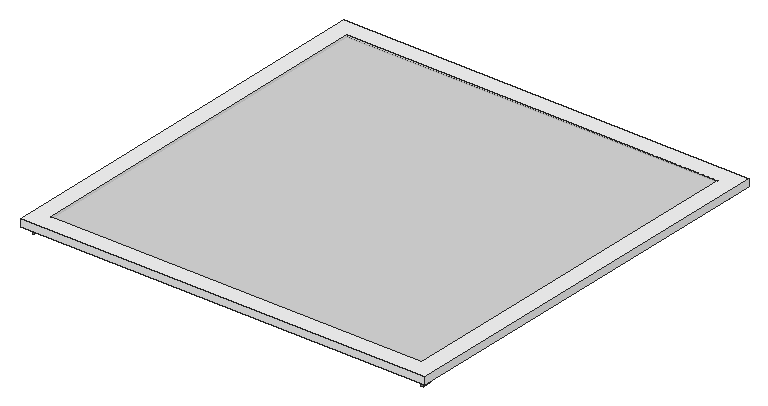
Revit family "0047441 Feilo Sylvania Lighting Fixtures START FLAT PANEL LED 600 WW 3000K", category Lighting Fixtures, host Face, Revit 2017
Family settings
  Host = Face
  Round Connector Dimension = Use Diameter
  Part Type = Normal
  OmniClass Number = 23.80.70.11.17
  OmniClass Title = Specialized Lighting by Location or Use
  Cut with Voids When Loaded = No
  Light Source = Yes
  Shared = No
  Room Calculation Point = No
Parameters (values of type "0047441 START FLAT PANEL LED 600 WW 3000K")
  Weight = "6.156 kg"
  Wattage = 45.5 W
  WarrantyStartDate [instance] = "n/a"
  WarrantyGuarantorParts = "n/a"
  WarrantyDurationUnit = "n/a"
  WarrantyDurationParts = "n/a"
  WarrantyDescription = "n/a"
  built-in parameter 1150110 = 1 (stored number, unit not read)
  Voltage = 230 V
  URL = "http://www.sylvania-lighting.com"
  TypeName = "START FLAT PANEL LED 600 WW 3000K"
  built-in parameter 1114217 = 1 (stored number, unit not read)
  Tilt Angle = -90.00°
  built-in parameter 1150109 = 1 (stored number, unit not read)
  built-in parameter 1150134 = (empty or 0)
  built-in parameter 1150113 = 1 (stored number, unit not read)
  SerialNumber [instance] = "n/a"
  PowerFactor = 0
  PowerConsumption = "45.5 W"
  Photometric Web File = "0047441.ies"
  NominalWidth = 0.0 mm
  NominalLength = 595.0 mm
  NominalHeight = 10.5 mm
  Name = "START FLAT PANEL LED 600 WW 3000K"
  ModelReference = "START FLAT PANEL LED 600 WW 3000K"
  ModelNumber = "0047441"
  Material = "powder coated steel housing, acrylic pmma diffuser"
  ManufacturerName = "Feilo Sylvania"
  LuminousEfficacy = "84 lm/W"
  LuminaireType = ""
  LightOutputRatio = "100"
  LampsType = Lamp  # "Integrated LED"
  LampNominalLuminous = "3830 lm"
  LampMacAdamStep = "n/a"
  LampColourTemperature = "3000 K"
  LampColourRenderingIndex = "0"
  Keynote = "16500"
  InstallationDate [instance] = "n/a"
  InputVoltage = "220-240V~"
  InputNominalFrequency = "n/a"
  IngressProtection = "IP20"
  ImpactProtectionIndex = "IK05"
  IfcExportType = "IfcLightFixtureType"
  IfcExportAs = "IfcLightFixtureType"
  ExpectedLife = 50000
  ElectricShockClassification = "Class II"
  DurationUnit = "hours"
  DocumentationLiterature = "http://www.sylvania-lighting.com/product/en-int/products/0047441"
  DimmingControlOptions = "n/a"
  DiffuserMaterial = Polycarbonate_Sylvania_Startflat Panel LED_Opal
  Cutout Width = 574.0 mm
  Cutout Length = 574.0 mm
  CreatedOn = "11/30/2017"
  CreatedBy = ""
  built-in parameter 1114216 [instance] = 1 (stored number, unit not read)
  Model = "START FLAT PANEL LED 600 WW 3000K"
  Manufacturer = "Feilo-Sylvania Group"
  built-in parameter 1150105 = 304.15 (stored number, unit not read)
  Lumens = 3822 lm
  built-in parameter 1150115 = 1 (stored number, unit not read)
  built-in parameter 1150137 = (empty or 0)
  built-in parameter 1150139 = (empty or 0)
  built-in parameter 1150112 = 1 (stored number, unit not read)
  built-in parameter 1150114 = 1 (stored number, unit not read)
  Lamp = "Integrated LED"  # constant formula
  built-in parameter 1150132 = 2
  built-in parameter 1150102 = (empty or 0)
  built-in parameter 1150107 = 3000 (stored number, unit not read)
  built-in parameter 1150138 = (empty or 0)
  built-in parameter 1150106 = 3.0415 (stored number, unit not read)
  BodyMaterial = Metal_Sylvania_Startflat Panel LED_White
  Emit from Rectangle Width = 545.0 mm
  Emit from Rectangle Length = 545.0 mm
  Emit Shape Visible in Rendering = no
  built-in parameter 1150104 = 7.8039 (stored number, unit not read)
  Dimming Lamp Color Temperature Shift = <None>
  Description = "Ultra thin LED Panel, excellent uniformity of light, perfect for ceilings with low voids, high efficacy.Ulta thin edgelit LED 600x600mm Panel with, excellent uniform light distribution. Acrylic PMMA diffuser optimising light output whilst reducing glare. 4239lm 93lm/W."  # constant formula
  Default Elevation = 0.0 mm
  Color Filter = 16777215
  built-in parameter 1140040 [instance] = 1
  BarCode [instance] = "n/a"
  built-in parameter 1114218 = 1 (stored number, unit not read)
  built-in parameter 1150133 = 10 (stored number, unit not read)
  AssetType = "Fixed"
  AssetIdentifier [instance] = "n/a"
  Assembly Code = "D5020200"
  Apparent Load = 45.5 VA
  MountingMaterial = Metal_Sylvania_Startflat Panel LED_Silver
Reference planes
  plane 1 "Center (Front/Back)": y = 0
  plane 2 "Fixture Top": z = 0
  plane 3 "Center (Left/Right)": x = 0
  plane 4: x = 295.5
  plane 5: x = -295.5
  plane 6 "Fixture Back": y = 297.5
  plane 7 "Fixture Front": y = -297.5
  plane 8 "Fixture Left": x = -297.5
  plane 9 "Fixture Right": x = 297.5
  plane 10: y = 295.5
  plane 11: y = -295.5
  plane 12: x = 272.5
  plane 13: x = -272.5
  plane 14: y = 272.5
  plane 15: y = -272.5
  plane 16: x = -287
  plane 17: x = 287
  plane 18: y = 287
  plane 19: y = -287
  plane 20 "Fixture Bottom": z = 10.5
  plane 21: z = 8.5
  plane 22: z = 6.5
  plane 23: z = -10
  plane 24: z = 2
Forms (mm)
  Extrusion 1, void
    sketch origin (0, 0, 60) x (-1, 0, 0) y (0, -1, 0)
      loop
        line (287, -287) -> (287, 287) -> (-287, 287) -> (-287, -287) -> (287, -287)
    from -70 to -60
  Extrusion 2, solid, material "Metal_Sylvania_Startflat Panel LED_White" <- "BodyMaterial", detail levels fine
    sketch origin (0, 0, 60) x (-1, 0, 0) y (0, -1, 0)
      loop
        line (297.5, -297.5) -> (297.5, 297.5) -> (-297.5, 297.5) -> (-297.5, -297.5) -> (297.5, -297.5)
      loop
        line (272.5, -272.5) -> (272.5, 272.5) -> (-272.5, 272.5) -> (-272.5, -272.5) -> (272.5, -272.5)
    from -51.5 to -49.5
  Extrusion 3, solid, material "Metal_Sylvania_Startflat Panel LED_White" <- "BodyMaterial", detail levels fine
    sketch origin (0, 0, 60) x (-1, 0, 0) y (0, -1, 0)
      loop
        line (297.5, -297.5) -> (297.5, 297.5) -> (-297.5, 297.5) -> (-297.5, -297.5) -> (297.5, -297.5)
      loop
        line (295.5, -295.5) -> (295.5, 295.5) -> (-295.5, 295.5) -> (-295.5, -295.5) -> (295.5, -295.5)
    from -60 to -51.5
  Extrusion 4, solid, material "Polycarbonate_Sylvania_Startflat Panel LED_Opal" <- "DiffuserMaterial", detail levels fine
    sketch origin (0, 0, 60) x (-1, 0, 0) y (0, -1, 0)
      loop
        line (295.5, -295.5) -> (295.5, 295.5) -> (-295.5, 295.5) -> (-295.5, -295.5) -> (295.5, -295.5)
    from -53.5 to -51.5
  Extrusion 5, solid, material "Metal_Sylvania_Startflat Panel LED_Silver" <- "MountingMaterial", detail levels fine
    sketch origin (0, 0, 60) x (-1, 0, 0) y (0, -1, 0)
      loop
        line (287, -287) -> (287, -272.5) -> (284, -272.5) -> (284, -287) -> (287, -287)
      loop
        line (-284, -287) -> (-284, -272.5) -> (-287, -272.5) -> (-287, -287) -> (-284, -287)
      loop
        line (-284, 272.5) -> (-284, 287) -> (-287, 287) -> (-287, 272.5) -> (-284, 272.5)
      loop
        line (284, 272.5) -> (287, 272.5) -> (287, 287) -> (284, 287) -> (284, 272.5)
    from -70 to -60
  Extrusion 6, solid, material "Metal_Sylvania_Startflat Panel LED_White" <- "BodyMaterial", detail levels fine
    sketch origin (0, 0, 60) x (-1, 0, 0) y (0, -1, 0)
      loop
        line (297.5, -297.5) -> (297.5, 297.5) -> (-297.5, 297.5) -> (-297.5, -297.5) -> (297.5, -297.5)
    from -60 to -58
  Extrusion 7, solid, material "Metal_Sylvania_Startflat Panel LED_White" <- "BodyMaterial", detail levels coarse+medium
    sketch origin (0, 0, 60) x (-1, 0, 0) y (0, -1, 0)
      loop
        line (297.5, -297.5) -> (297.5, 297.5) -> (-297.5, 297.5) -> (-297.5, -297.5) -> (297.5, -297.5)
    from -60 to -49.5
Cuts and joins
  joined: Extrusion 2, Extrusion 3, Extrusion 6
Dimensions and locks
  equal spacing: plane 6 "Fixture Back", plane 1 "Center (Front/Back)", plane 7 "Fixture Front"
  locked: plane 6 "Fixture Back" to plane 7 "Fixture Front" at 595
  equal spacing: plane 8 "Fixture Left", plane 3 "Center (Left/Right)", plane 9 "Fixture Right"
  locked: plane 8 "Fixture Left" to plane 9 "Fixture Right" at 595
  locked: plane 8 "Fixture Left" to plane 5 at 2
  locked: plane 4 to plane 9 "Fixture Right" at 2
  locked: plane 6 "Fixture Back" to plane 10 at 2
  locked: plane 11 to plane 7 "Fixture Front" at 2
  locked: plane 12 to plane 9 "Fixture Right" at 25
  locked: plane 8 "Fixture Left" to plane 13 at 25
  locked: plane 6 "Fixture Back" to plane 14 at 25
  locked: plane 15 to plane 7 "Fixture Front" at 25
  equal spacing: plane 16, plane 3 "Center (Left/Right)", plane 17
  "Cutout Length": plane 16 to plane 17
  equal spacing: plane 18, plane 1 "Center (Front/Back)", plane 19
  "Cutout Width": plane 18 to plane 19
  locked: plane 20 "Fixture Bottom" to plane 2 "Fixture Top" at 10.5
  plane 20 "Fixture Bottom" to plane 21 to plane 22 = 2.0 mm locked, 2.0 mm locked
  locked: plane 2 "Fixture Top" to plane 23 at 10
  locked: plane 16 to Extrusion 5 sketch curve at 3
  locked: Extrusion 5 sketch curve to plane 17 at 3
  locked: plane 24 to plane 2 "Fixture Top" at 2
  aligned and locked: level to host face
  aligned and locked: imposter light to plane 1 "Center (Front/Back)"
  aligned and locked: plane 2 "Fixture Top" to Extrusion 1
  aligned and locked: Extrusion 2 sketch curve to plane 6 "Fixture Back"
  aligned and locked: plane 8 "Fixture Left" to Extrusion 2 sketch curve
  aligned and locked: plane 7 "Fixture Front" to Extrusion 2 sketch curve
  aligned and locked: Extrusion 2 sketch curve to plane 9 "Fixture Right"
  aligned and locked: Extrusion 2 sketch curve to plane 14
  aligned and locked: plane 13 to Extrusion 2 sketch curve
  aligned and locked: plane 15 to Extrusion 2 sketch curve
  aligned and locked: Extrusion 2 sketch curve to plane 12
  aligned and locked: Extrusion 3 sketch curve to Extrusion 2  (x4)
  aligned and locked: Extrusion 3 sketch curve to plane 10
  aligned and locked: plane 5 to Extrusion 3 sketch curve
  aligned and locked: plane 11 to Extrusion 3 sketch curve
  aligned and locked: Extrusion 3 sketch curve to plane 4
  aligned and locked: Extrusion 4 sketch curve to cut or joined group of Extrusion 2, Extrusion 3, Extrusion 6  (x4)
  aligned and locked: plane 16 to Extrusion 1 sketch curve
  aligned and locked: Extrusion 1 sketch curve to plane 17
  aligned and locked: Extrusion 1 sketch curve to plane 18
  aligned and locked: plane 19 to Extrusion 1 sketch curve
  aligned and locked: plane 20 "Fixture Bottom" to cut or joined group of Extrusion 2, Extrusion 3, Extrusion 6
  aligned and locked: cut or joined group of Extrusion 2, Extrusion 3, Extrusion 6 to plane 21
  aligned and locked: plane 21 to cut or joined group of Extrusion 2, Extrusion 3, Extrusion 6
  aligned and locked: cut or joined group of Extrusion 2, Extrusion 3, Extrusion 6 to plane 2 "Fixture Top"
  aligned and locked: plane 21 to Extrusion 4
  aligned and locked: Extrusion 4 to plane 22
  aligned and locked: level to plane 2 "Fixture Top"
  aligned and locked: plane 3 "Center (Left/Right)" to imposter light
  aligned and locked: plane 20 "Fixture Bottom" to imposter light
  aligned and locked: Extrusion 5 sketch curve to plane 18  (x2)
  aligned and locked: plane 16 to Extrusion 5 sketch curve
  aligned and locked: cut or joined group of Extrusion 2, Extrusion 3, Extrusion 6 to Extrusion 5 sketch curve  (x3)
  aligned and locked: plane 14 to Extrusion 5 sketch curve
  aligned and locked: Extrusion 5 sketch curve to plane 17  (x2)
  aligned and locked: plane 19 to Extrusion 5 sketch curve
  aligned and locked: Extrusion 5 sketch curve to plane 19
  aligned and locked: Extrusion 5 sketch curve to plane 16
  aligned and locked: Extrusion 5 to plane 23
  aligned and locked: Extrusion 5 sketch curve to Extrusion 5 sketch curve  (x2)
  aligned and locked: Extrusion 6 sketch curve to cut or joined group of Extrusion 2, Extrusion 3, Extrusion 6  (x4)
  aligned and locked: Extrusion 6 to plane 2 "Fixture Top"
  aligned and locked: plane 24 to Extrusion 6
  aligned and locked: plane 2 "Fixture Top" to Extrusion 5
  aligned and locked: Extrusion 7 sketch curve to cut or joined group of Extrusion 2, Extrusion 3, Extrusion 6  (x4)
  aligned and locked: Extrusion 7 to plane 2 "Fixture Top"
  aligned and locked: plane 20 "Fixture Bottom" to Extrusion 7
  aligned and locked: Extrusion 1 to Extrusion 5
Automatic sketch dimensions
  host sketch curve to host sketch curve = 1461.012 mm
  host sketch curve to host sketch curve = 1283.632 mm
Connectors
  electrical at (0, 0, 0), driven by "Apparent Load"
    settings: on cut or joined group of Extrusion 2, Extrusion 3, Extrusion 6, index 1, voltage 230 V, apparent load 0 VA, apparent load phase1 45.5 VA, apparent load phase2 0 VA, apparent load phase3 0 VA, power factor 1, load classification "Lighting", number of poles 1, system type 31, power factor state 1, is connector primary yes, connector utility no, sub classification motor no, connector description ""
